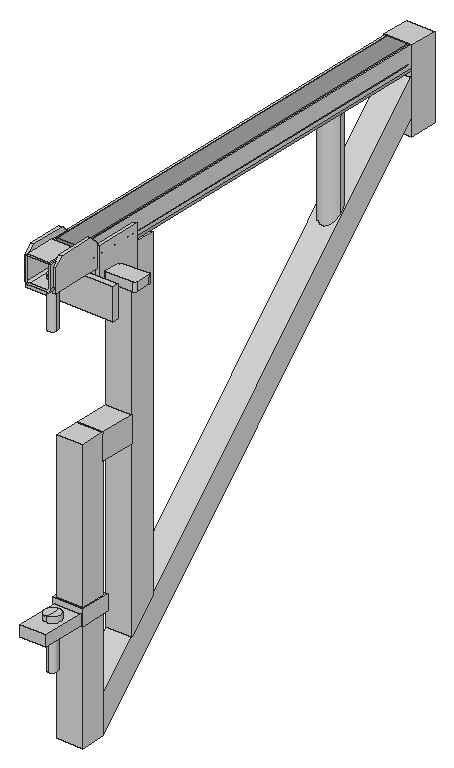
Revit family "MF_MEGAFORM WALKWAY BRACKET_1904464", category Generic Models, Revit 2018
Family settings
  Can host rebar = No
  Round Connector Dimension = Use Diameter
  Part Type = Normal
  OmniClass Number = 35.51.14.00
  OmniClass Title = FORMWORK
  Work Plane-Based = Yes
  Always vertical = No
  Cut with Voids When Loaded = No
  Shared = Yes
  Room Calculation Point = No
Parameters
  WALKWAY POSITION [instance] = if(ANGLE = 0.00°, 30.000 mm, 30.500 mm)  # 30.000 mm
  VERTICAL RIB - RIGHT SIDE [instance] = no
  VERTICAL RIB - LEFT SIDE [instance] = no
  VERSION = "20170217"  # constant formula
  URL = "www.ulmaconstruction.com/en"
  UNICLASS = ""
  Manufacturer = "ULMA CONSTRUCTION"  # constant formula
  ITEM_CODE = "1904464"
  FILTER [instance] = ""
  Default Elevation = 0.000 mm
  CLASSIFICATION_TITLE = ""
  CLASSIFICATION_NUMBER = ""
  BRACE POSITION [instance] = 609.600 mm
  ANGLE [instance] = if([VERTICAL RIB - RIGHT SIDE], 90.00°, if([VERTICAL RIB - LEFT SIDE], 270.00°, 0.00°))  # 0.00°
Reference planes
  plane 1 "Centro (Frontal/Posterior)": y = 0
  plane 2: z = 0
  plane 3 "Centro (Izquierda/Derecha)": x = 0
  plane 4 "HANDRAIL POST": y = 867.5
  plane 5 "ORIGIN": z = 30
Lines and regions (mm)
  reference lines
    curve 1: line (0, 0, 30) -> (0, 0, -770)
Dimensions and locks
  locked: plane 1 "Centro (Frontal/Posterior)" to plane 4 "HANDRAIL POST" at 867.5
  "WALKWAY POSITION": plane 5 "ORIGIN" to plane 2
  "ANGLE": angle plane 3 "Centro (Izquierda/Derecha)" to curve 1
  aligned and locked: plane 2 to level
  aligned and locked: plane 3 "Centro (Izquierda/Derecha)" to curve 1
  aligned and locked: plane 5 "ORIGIN" to curve 1
Nested families
  nested 1: "MENSULA MEGAFORM - 1904464_WORKING PLATFORMS" at (0, 0, 0), FILTER <- "FILTER", BRACE POSITION <- "BRACE POSITION", type "MENSULA MEGAFORM - 1904464_WORKING PLATFORMS"
    with REAL BRACE POSITION 609.600 mm, FILTER "", BRACE POSITION 609.600 mm
Definition of nested family "MENSULA MEGAFORM - 1904464_WORKING PLATFORMS"
  Parameters (values of type "MENSULA MEGAFORM - 1904464_WORKING PLATFORMS")
    VERSION = "20170217"  # constant formula
    URL = "www.ulmaconstruction.com/en"
    UNICLASS = ""
    REAL BRACE POSITION [instance] = if(BRACE POSITION < 377.000 mm, 377.000 mm, if(BRACE POSITION > 749.500 mm, 749.500 mm, BRACE POSITION))  # 609.600 mm
    Manufacturer = "ULMA CONSTRUCTION"  # constant formula
    FILTER [instance] = ""
    Default Elevation = 0.000 mm
    CLASSIFICATION_TITLE = ""
    CLASSIFICATION_NUMBER = ""
    BRACE POSITION [instance] = 609.600 mm
  Reference planes
    plane 1 "Centro (Frontal/Posterior)": y = 0
    plane 2: z = 0
    plane 3 "Centro (Izquierda/Derecha)": x = 0
    plane 4: z = -609.6
  Forms (mm)
    Extrusion 1, solid, detail levels fine
      sketch origin (0, 0, 0) x (1, 0, 0) y (0, 0, 1)
        loop
          line (-17, 0) -> (17, 0)
          arc (17, 0) -> (22.657, 2.343) -> (25, 8) r 8
          line (25, 8) -> (25, 50) -> (21, 50) -> (21, 8)
          arc (21, 8) -> (19.828, 5.172) -> (17, 4) r 4
          line (17, 4) -> (-17, 4)
          arc (-17, 4) -> (-19.828, 5.172) -> (-21, 8) r 4
          line (-21, 8) -> (-21, 50) -> (-25, 50) -> (-25, 8)
          arc (-25, 8) -> (-22.657, 2.343) -> (-17, 0) r 8
      from -840 to 35
    Extrusion 2, solid
      sketch origin (0, -0.5, 0) x (1, 0, 0) y (0, 1, 0)
        loop
          line (-25, 212) -> (-25, 162) -> (25, 162) -> (25, 212) -> (-25, 212)
      from -685 to 0
    Extrusion 3, solid
      sketch origin (0, -120.5, 0) x (1, 0, 0) y (0, 1, 0)
        loop
          line (-25, 212) -> (-25, 162) -> (25, 162) -> (25, 212) -> (-25, 212)
      from -826 to -297
    Extrusion 4, solid
      sketch origin (0, -0.5, 0) x (1, 0, 0) y (0, 1, 0)
        loop
          line (27.5, 895.5) -> (-27.5, 895.5) -> (-27.5, 840.5) -> (27.5, 840.5) -> (27.5, 895.5)
      from -110 to 50
    Extrusion 5, solid
      sketch origin (0, -0.5, 0) x (1, 0, 0) y (0, 1, 0)
        loop
          circle (0, 676.5) r 21
      from 0 to -199.803
    Extrusion 6, void
      sketch origin (0, 0, 0) x (0, 1, 0) y (0, 0, 1)
        loop
          line (697.621, -149.379) -> (647.197, -199.803) -> (697.621, -199.803) -> (697.621, -149.379)
      from -23 to 23
    Extrusion 7, solid, detail levels fine
      sketch origin (0, 4, 0) x (0, 1, 0) y (0, 0, 1)
        loop
          line (48, -40) -> (133.5, -40) -> (133.5, -30) -> (84.5, -30) -> (84.5, -10) -> (133.5, -10) -> (133.5, 0) -> (48, 0) -> (48, -40)
      from -24 to 24
    Extrusion 8, solid
      sketch origin (0, 0, 0) x (1, 0, 0) y (0, 0, 1)
        loop
          line (-85, 0) -> (-85, -60) -> (85, -60) -> (85, 0) -> (-85, 0)
      from -52 to -40
    Extrusion 9, solid, detail levels fine
      sketch origin (0, -0.5, 0) x (0, 1, 0) y (0, 0, 1)
        loop
          line (55.5, 60) -> (-14.5, 60) -> (-29.5, 45) -> (-29.5, 0) -> (36.5, 0) -> (48.5, 0) -> (70.5, 0) -> (70.5, 45) -> (55.5, 60)
      from 25 to 31
    Extrusion 10, solid, detail levels fine
      sketch origin (-56, -0.5, 0) x (0, 1, 0) y (0, 0, 1)
        loop
          line (55.5, 60) -> (-14.5, 60) -> (-29.5, 45) -> (-29.5, 0) -> (36.5, 0) -> (48.5, 0) -> (70.5, 0) -> (70.5, 45) -> (55.5, 60)
      from 25 to 31
    Extrusion 11, solid, detail levels fine
      sketch origin (0, 3.5, 0) x (1, 0, 0) y (0, 1, 0)
        loop
          arc (90.261, 118.769) -> (88.637, 122.457) -> (84.819, 123.75) r 5
          line (84.819, 123.75) -> (33, 119.159) -> (-33, 113.313) -> (-85.518, 108.661)
          arc (-85.518, 108.661) -> (-88.525, 107.175) -> (-89.739, 104.049) r 4.63
          line (-89.739, 104.049) -> (-89.739, 89.479)
          arc (-89.739, 89.479) -> (-88.428, 86.312) -> (-85.261, 85) r 4.479
          line (-85.261, 85) -> (-33, 85) -> (33, 85) -> (85.261, 85)
          arc (85.261, 85) -> (88.796, 86.464) -> (90.261, 90) r 5
          line (90.261, 90) -> (90.261, 118.769)
      from -29 to -13
    Extrusion 12, solid, detail levels fine
      sketch origin (0, 0, 0) x (0, 1, 0) y (0, 0, 1)
        loop
          line (73, -48) -> (163, -48) -> (163, 39) -> (73, 39) -> (73, -48)
      from 25 to 33
    Extrusion 13, solid, detail levels fine
      sketch origin (-54, 0, 0) x (0, 1, 0) y (0, 0, 1)
        loop
          line (73, -48) -> (163, -48) -> (163, 39) -> (73, 39) -> (73, -48)
      from 21 to 29
    Revolve 14, solid, detail levels fine
      sketch origin (0, 0, 0) x (1, 0, 0) y (0, 0, 1)
        loop
          line (9, -85) -> (9, 11) -> (0, 11) -> (0, -85) -> (9, -85)
        axis (0, 11) -> (0, -85)
      angle from 0 to 360
    Extrusion 15, solid, detail levels fine
      sketch origin (0, 0.5, -25.513) x (0, 1, 0) y (0, 0, 1)
        loop
          line (36.5, -564.087) -> (-48.5, -564.087) -> (-48.5, -584.087) -> (36.5, -584.087) -> (36.5, -564.087)
      from -25 to 25
    Revolve 16, solid, detail levels fine
      sketch origin (0, 0.5, -25.513) x (0, 1, 0) y (0, 0, 1)
        loop
          line (14.5, -554.087) -> (-0.5, -554.087) -> (-0.5, -654.087) -> (8.5, -654.087) -> (8.5, -564.087) -> (14.5, -564.087) -> (14.5, -554.087)
        axis (-0.5, -654.087) -> (-0.5, -554.087)
      angle from 0 to 360
    Extrusion 17, solid, detail levels fine
      sketch origin (0, 0, 0) x (1, 0, 0) y (0, 1, 0)
        loop
          line (-21, -35) -> (21, -35) -> (21, 25) -> (-21, 25) -> (-21, -35)
      from 50 to 53
    Extrusion 18, void
      sketch origin (0, 0, 0) x (0, 1, 0) y (0, 0, 1)
        loop
          line (84, -10) -> (84, -30) -> (123, -30) -> (123, -10) -> (84, -10)
      from 25 to 33
    Extrusion 19, void
      sketch origin (0, 0, 0) x (0, 1, 0) y (0, 0, 1)
        loop
          line (119, -10) -> (84, -10) -> (84, -30) -> (119, -30) -> (119, -10)
      from -33 to -25
    Extrusion 20, solid, detail levels fine
      sketch origin (0, 0, 0) x (1, 0, 0) y (0, 0, 1)
        loop
          line (20.25, 50.5) -> (-20.25, 50.5) -> (-20.25, 13) -> (-11.25, 4) -> (11.25, 4) -> (20.25, 13) -> (20.25, 50.5)
      from -840 to -35
    Extrusion 21, solid, not visible, detail levels fine
      sketch origin (0, 0.5, 0) x (0, 1, 0) y (0, 0, 1)
        loop
          line (36.5, -564.087) -> (-48.5, -564.087) -> (-48.5, -584.087) -> (36.5, -584.087) -> (36.5, -564.087)
      from -25 to 25
    Revolve 22, solid, not visible, detail levels fine
      sketch origin (0, 0.5, 0) x (0, 1, 0) y (0, 0, 1)
        loop
          line (14.5, -554.087) -> (-0.5, -554.087) -> (-0.5, -654.087) -> (8.5, -654.087) -> (8.5, -564.087) -> (14.5, -564.087) -> (14.5, -554.087)
        axis (-0.5, -654.087) -> (-0.5, -554.087)
      angle from 0 to 360
    Extrusion 23, solid, detail levels fine
      sketch origin (0, 0, -25.513) x (0, 1, 0) y (0, 0, 1)
        loop
          line (97, -554.087) -> (37, -554.087) -> (37, -584.087) -> (97, -584.087) -> (97, -554.087)
      from -30 to 30
    Extrusion 24, solid, not visible, detail levels fine
      sketch origin (0, 0, 0) x (0, 1, 0) y (0, 0, 1)
        loop
          line (97, -554.087) -> (37, -554.087) -> (37, -584.087) -> (97, -584.087) -> (97, -554.087)
      from -30 to 30
    Extrusion 25, solid
      sketch origin (0, 0, 0) x (0, 1, 0) y (0, 0, 1)
        loop
          line (161.5, -297) -> (91.5, -297) -> (91.5, -347) -> (161.5, -347) -> (161.5, -297)
      from -25 to 25
    Extrusion 26, void
      sketch origin (0, 0, 0) x (0, 1, 0) y (0, 0, 1)
        loop
          line (211.5, -635) -> (161.5, -685) -> (211.5, -685) -> (211.5, -635)
      from -25 to 25
    Extrusion 27, solid
      sketch origin (0, 0, 0) x (0, 1, 0) y (0, 0, 1)
        loop
          line (840, -6.5) -> (91.5, -755) -> (91.5, -825.711) -> (840, -77.211) -> (840, -6.5)
      from -25 to 25
    Extrusion 28, solid, not visible
      sketch origin (0, -120.5, 0) x (1, 0, 0) y (0, 1, 0)
        loop
          line (-25, 212) -> (-25, 162) -> (25, 162) -> (25, 212) -> (-25, 212)
      from -826 to -297
    Extrusion 29, solid, not visible
      sketch origin (0, 0, 0) x (0, 1, 0) y (0, 0, 1)
        loop
          line (840, -6.5) -> (91.5, -755) -> (91.5, -825.711) -> (840, -77.211) -> (840, -6.5)
      from -25 to 25
    Extrusion 30, solid, detail levels coarse+medium
      sketch origin (0, 0, 0) x (1, 0, 0) y (0, 0, 1)
        loop
          line (-25, 50) -> (-25, 0) -> (25, 0) -> (25, 50) -> (-25, 50)
      from -840 to -35
  Cuts and joins
    Extrusion 6 cuts Extrusion 5
    Extrusion 18, Extrusion 19 cuts Extrusion 7
    Extrusion 18, Extrusion 19 cuts Extrusion 12
    Extrusion 19 cuts Extrusion 13
    Extrusion 26 cuts Extrusion 2
  Lines and regions (mm)
    model lines, detail levels fine
      curve 1: line (23, 89.5, -297) -> (-23, 89.5, -297)
      curve 2: line (-23, 89.5, -297) -> (-23, 43.5, -297)
      curve 3: line (23, 43.5, -297) -> (23, 89.5, -297)
      curve 4: line (-23, 43.5, -297) -> (23, 43.5, -297)
      curve 5: line (23, 89.5, -826) -> (-23, 89.5, -826)
      curve 6: line (-23, 89.5, -826) -> (-23, 43.5, -826)
      curve 7: line (23, 43.5, -826) -> (23, 89.5, -826)
      curve 8: line (-23, 43.5, -826) -> (23, 43.5, -826)
      curve 9: line (22.5, 890, 50) -> (-22.5, 890, 50)
      curve 10: line (-22.5, 890, 50) -> (-22.5, 845, 50)
      curve 11: line (-22.5, 845, 50) -> (22.5, 845, 50)
      curve 12: line (22.5, 845, 50) -> (22.5, 890, 50)
      curve 13: line (22.5, 890, -110) -> (-22.5, 890, -110)
      curve 14: line (-22.5, 890, -110) -> (-22.5, 845, -110)
      curve 15: line (-22.5, 845, -110) -> (22.5, 845, -110)
      curve 16: line (22.5, 845, -110) -> (22.5, 890, -110)
      curve 17: circle (31, 0, 30) r 10 normal (1, 0, 0)
      curve 18: circle (-31, 0, 30) r 10 normal (1, 0, 0)
      curve 19: circle (-27.5, 867.5, -30) r 9 normal (1, 0, 0)
      curve 20: circle (27.5, 867.5, -30) r 9 normal (1, 0, 0)
  Dimensions and locks
    locked: Revolve 16 to Revolve 16 at 100
    locked: Extrusion 15 to plane 4 at 20
    "REAL BRACE POSITION": plane 2 to plane 4
    locked: Extrusion 23 to Extrusion 23 at 30
    locked: plane 2 to Extrusion 25 at 297
    locked: Extrusion 25 to Extrusion 25 at 50
    aligned and locked: level to plane 2
    aligned and locked: Extrusion 15 to Revolve 16
    aligned and locked: plane 4 to Extrusion 15
    aligned and locked: Extrusion 21 to Revolve 22
    aligned and locked: plane 4 to Extrusion 23
    aligned and locked: Extrusion 26 to Extrusion 2
    aligned and locked: Extrusion 2 to Extrusion 26  (x2)
  Automatic sketch dimensions
    Extrusion 1 sketch curve to Extrusion 1 sketch curve = 0.000 mm  (x5)
    Extrusion 1 sketch curve to level = 0.000 mm
    Extrusion 1 sketch curve to plane 3 "Centro (Izquierda/Derecha)" = 25.000 mm
    Extrusion 1 sketch curve to Extrusion 1 sketch curve = 4.000 mm  (x2)
    level to Extrusion 1 sketch curve = 8.000 mm
    plane 3 "Centro (Izquierda/Derecha)" to Extrusion 1 sketch curve = 17.000 mm
    Extrusion 1 sketch curve to Extrusion 1 sketch curve = 42.000 mm
    Extrusion 2 sketch curve to Extrusion 2 sketch curve = 50.000 mm  (x2)
    Extrusion 3 sketch curve to Extrusion 3 sketch curve = 50.000 mm  (x2)
    Extrusion 4 sketch curve to plane 3 "Centro (Izquierda/Derecha)" = 27.500 mm
    plane 3 "Centro (Izquierda/Derecha)" to Extrusion 4 sketch curve = 27.500 mm
    Extrusion 4 sketch curve to plane 1 "Centro (Frontal/Posterior)" = 840.000 mm
    Extrusion 4 sketch curve to Extrusion 4 sketch curve = 55.000 mm
    Extrusion 5 sketch curve to plane 3 "Centro (Izquierda/Derecha)" = 0.000 mm
    Extrusion 5 sketch curve to plane 1 "Centro (Frontal/Posterior)" = 676.000 mm
    Extrusion 6 sketch curve to level = 199.803 mm
    Extrusion 6 sketch curve to plane 1 "Centro (Frontal/Posterior)" = 647.197 mm
    Extrusion 6 sketch curve to Extrusion 6 sketch curve = 50.423 mm  (x2)
    curve 1 to Extrusion 3 = 2.000 mm
    curve 3 to Extrusion 3 = 2.000 mm  (x2)
    curve 4 to Extrusion 3 = 2.000 mm
    Extrusion 3 to curve 5 = 2.000 mm
    Extrusion 3 to curve 7 = 2.000 mm  (x2)
    Extrusion 3 to curve 8 = 2.000 mm
    curve 9 to Extrusion 4 = 5.000 mm
    curve 11 to Extrusion 4 = 5.000 mm  (x2)
    curve 10 to Extrusion 4 = 5.000 mm
    Extrusion 4 to curve 13 = 5.000 mm
    Extrusion 4 to curve 15 = 5.000 mm  (x2)
    Extrusion 4 to curve 14 = 5.000 mm
    Extrusion 7 sketch curve to level = 0.000 mm
    Extrusion 7 sketch curve to plane 1 "Centro (Frontal/Posterior)" = 52.000 mm
    Extrusion 7 sketch curve to Extrusion 7 sketch curve = 36.500 mm
    Extrusion 7 sketch curve to level = 10.000 mm
    Extrusion 7 sketch curve to Extrusion 7 sketch curve = 49.000 mm
    Extrusion 7 sketch curve to Extrusion 7 sketch curve = 0.000 mm
    Extrusion 7 sketch curve to Extrusion 7 sketch curve = 20.000 mm
    Extrusion 7 sketch curve to Extrusion 7 sketch curve = 10.000 mm
    Extrusion 8 sketch curve to level = 0.000 mm
    Extrusion 8 sketch curve to plane 3 "Centro (Izquierda/Derecha)" = 85.000 mm
    plane 3 "Centro (Izquierda/Derecha)" to Extrusion 8 sketch curve = 85.000 mm
    Extrusion 8 sketch curve to level = 60.000 mm
    Extrusion 9 sketch curve to level = 0.000 mm
    plane 1 "Centro (Frontal/Posterior)" to Extrusion 9 sketch curve = 30.000 mm
    plane 1 "Centro (Frontal/Posterior)" to Extrusion 9 sketch curve = 15.000 mm
    Extrusion 9 sketch curve to plane 1 "Centro (Frontal/Posterior)" = 36.000 mm
    Extrusion 9 sketch curve to Extrusion 9 sketch curve = 12.000 mm
    Extrusion 9 sketch curve to plane 1 "Centro (Frontal/Posterior)" = 55.000 mm
    Extrusion 9 sketch curve to Extrusion 9 sketch curve = 15.000 mm  (x2)
    level to Extrusion 9 sketch curve = 45.000 mm  (x2)
    Extrusion 10 sketch curve to level = 0.000 mm
    plane 1 "Centro (Frontal/Posterior)" to Extrusion 10 sketch curve = 30.000 mm
    plane 1 "Centro (Frontal/Posterior)" to Extrusion 10 sketch curve = 15.000 mm
    Extrusion 10 sketch curve to plane 1 "Centro (Frontal/Posterior)" = 36.000 mm
    Extrusion 10 sketch curve to Extrusion 10 sketch curve = 12.000 mm
    Extrusion 10 sketch curve to plane 1 "Centro (Frontal/Posterior)" = 55.000 mm
    Extrusion 10 sketch curve to Extrusion 10 sketch curve = 15.000 mm  (x2)
    level to Extrusion 10 sketch curve = 45.000 mm  (x2)
    Extrusion 11 sketch curve to plane 3 "Centro (Izquierda/Derecha)" = 89.739 mm
    Extrusion 11 sketch curve to Extrusion 11 sketch curve = 4.222 mm
    Extrusion 11 sketch curve to Extrusion 11 sketch curve = 4.479 mm
    Extrusion 11 sketch curve to Extrusion 11 sketch curve = 4.630 mm
    Extrusion 11 sketch curve to plane 3 "Centro (Izquierda/Derecha)" = 33.000 mm
    Extrusion 11 sketch curve to Extrusion 11 sketch curve = 0.000 mm
    plane 3 "Centro (Izquierda/Derecha)" to Extrusion 11 sketch curve = 33.000 mm  (x2)
    Extrusion 11 sketch curve to Extrusion 11 sketch curve = 51.819 mm
    Extrusion 11 sketch curve to Extrusion 11 sketch curve = 0.441 mm  (x2)
    Extrusion 11 sketch curve to Extrusion 11 sketch curve = 5.000 mm
    Extrusion 11 sketch curve to plane 1 "Centro (Frontal/Posterior)" = 88.500 mm
    Extrusion 11 sketch curve to Extrusion 11 sketch curve = 14.570 mm
    Extrusion 11 sketch curve to Extrusion 11 sketch curve = 28.313 mm
    Extrusion 11 sketch curve to Extrusion 11 sketch curve = 28.769 mm
    Extrusion 11 sketch curve to Extrusion 11 sketch curve = 34.159 mm
    Extrusion 12 sketch curve to plane 1 "Centro (Frontal/Posterior)" = 73.000 mm
    level to Extrusion 12 sketch curve = 39.000 mm
    Extrusion 12 sketch curve to Extrusion 12 sketch curve = 90.000 mm
    Extrusion 12 sketch curve to level = 48.000 mm
    Extrusion 13 sketch curve to plane 1 "Centro (Frontal/Posterior)" = 73.000 mm
    level to Extrusion 13 sketch curve = 39.000 mm
    Extrusion 13 sketch curve to Extrusion 13 sketch curve = 90.000 mm
    Extrusion 13 sketch curve to level = 48.000 mm
    Revolve 14 sketch curve to plane 3 "Centro (Izquierda/Derecha)" = 0.000 mm  (x2)
    plane 3 "Centro (Izquierda/Derecha)" to Revolve 14 sketch curve = 9.000 mm
    Revolve 14 sketch curve to level = 85.000 mm
    level to Revolve 14 sketch curve = 11.000 mm
    Revolve 14 sketch curve to Revolve 14 sketch curve = 30.000 mm
    Revolve 14 sketch curve to Revolve 14 sketch curve = 10.000 mm
    Extrusion 17 sketch curve to plane 3 "Centro (Izquierda/Derecha)" = 21.000 mm
    plane 3 "Centro (Izquierda/Derecha)" to Extrusion 17 sketch curve = 21.000 mm
    plane 1 "Centro (Frontal/Posterior)" to Extrusion 17 sketch curve = 35.000 mm
    Extrusion 17 sketch curve to plane 1 "Centro (Frontal/Posterior)" = 25.000 mm
    curve 17 to Extrusion 9 = 30.000 mm  (x2)
    Extrusion 10 to curve 18 = 30.000 mm  (x2)
    Extrusion 18 sketch curve to level = 30.000 mm
    Extrusion 18 sketch curve to plane 1 "Centro (Frontal/Posterior)" = 84.000 mm
    Extrusion 18 sketch curve to Extrusion 18 sketch curve = 39.000 mm
    Extrusion 18 sketch curve to level = 10.000 mm
    Extrusion 19 sketch curve to level = 10.000 mm
    Extrusion 19 sketch curve to plane 1 "Centro (Frontal/Posterior)" = 84.000 mm
    Extrusion 19 sketch curve to Extrusion 19 sketch curve = 35.000 mm
    Extrusion 19 sketch curve to Extrusion 19 sketch curve = 20.000 mm
    curve 19 to Extrusion 4 = 27.500 mm
    Extrusion 4 to curve 19 = 80.000 mm
    Extrusion 4 to curve 20 = 27.500 mm
    Extrusion 4 to curve 20 = 80.000 mm
    Extrusion 20 sketch curve to plane 3 "Centro (Izquierda/Derecha)" = 20.250 mm
    level to Extrusion 20 sketch curve = 4.000 mm
    Extrusion 20 sketch curve to plane 3 "Centro (Izquierda/Derecha)" = 11.250 mm
    plane 3 "Centro (Izquierda/Derecha)" to Extrusion 20 sketch curve = 11.250 mm
    plane 3 "Centro (Izquierda/Derecha)" to Extrusion 20 sketch curve = 20.250 mm
    Extrusion 20 sketch curve to Extrusion 20 sketch curve = 9.000 mm  (x2)
    Extrusion 20 sketch curve to Extrusion 20 sketch curve = 37.500 mm
    Extrusion 23 sketch curve to Extrusion 23 sketch curve = 30.000 mm
    Extrusion 23 sketch curve to Extrusion 23 sketch curve = 60.000 mm
    Extrusion 25 sketch curve to plane 1 "Centro (Frontal/Posterior)" = 161.500 mm
    plane 4 to Extrusion 25 sketch curve = 262.600 mm
    Extrusion 25 sketch curve to Extrusion 25 sketch curve = 50.000 mm
    Extrusion 25 sketch curve to Extrusion 25 sketch curve = 70.000 mm
    Extrusion 26 sketch curve to plane 4 = 75.400 mm
    Extrusion 26 sketch curve to Extrusion 26 sketch curve = 50.000 mm
    Extrusion 26 sketch curve to plane 1 "Centro (Frontal/Posterior)" = 161.500 mm
    Extrusion 26 sketch curve to level = 635.000 mm
    Extrusion 2 sketch curve to plane 3 "Centro (Izquierda/Derecha)" = 25.000 mm
    Extrusion 2 sketch curve to plane 1 "Centro (Frontal/Posterior)" = 161.500 mm
    Extrusion 27 sketch curve to Extrusion 27 sketch curve = 748.500 mm
    Extrusion 27 sketch curve to Extrusion 27 sketch curve = 70.711 mm  (x2)
    Extrusion 27 sketch curve to Extrusion 27 sketch curve = 677.789 mm
    Extrusion 28 sketch curve to Extrusion 28 sketch curve = 50.000 mm  (x2)
    Extrusion 29 sketch curve to Extrusion 29 sketch curve = 748.500 mm
    Extrusion 29 sketch curve to Extrusion 29 sketch curve = 70.711 mm  (x2)
    Extrusion 29 sketch curve to Extrusion 29 sketch curve = 677.789 mm
    Extrusion 30 sketch curve to plane 3 "Centro (Izquierda/Derecha)" = 25.000 mm
    level to Extrusion 30 sketch curve = 50.000 mm
    Extrusion 30 sketch curve to level = 0.000 mm
    plane 3 "Centro (Izquierda/Derecha)" to Extrusion 30 sketch curve = 25.000 mm
    radius of Extrusion 5 sketch curve = 21.000 mm
    radius of curve 17 = 10.000 mm
    radius of curve 18 = 10.000 mm
    radius of curve 19 = 9.000 mm
    radius of curve 20 = 9.000 mm
